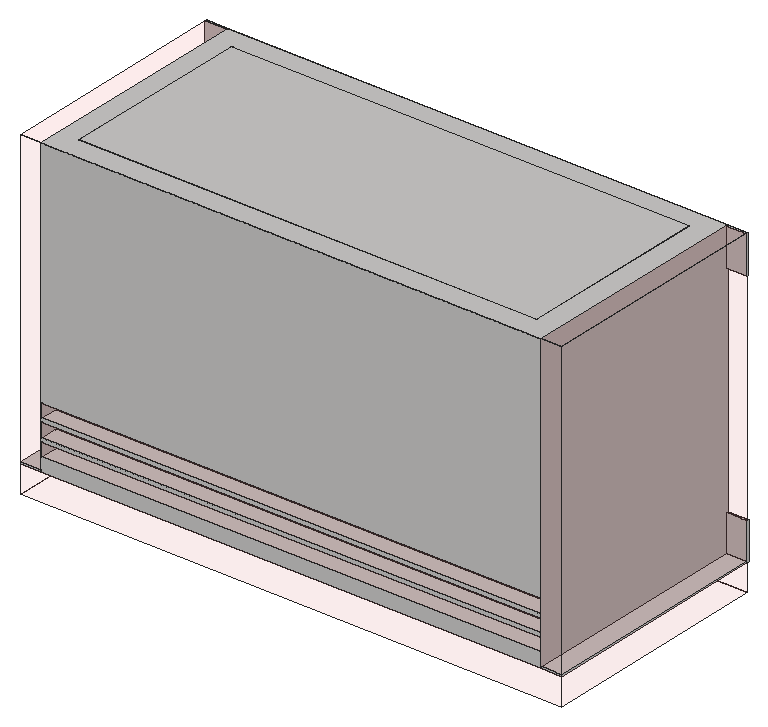
Revit family "Air-Curtain_Industrial_PoweredAire_Unheated", category Mechanical Equipment, host Face, Revit 2019
Family settings
  Host = Face
  Round Connector Dimension = Use Diameter
  Part Type = Normal
  OmniClass Number = 23.75.35.17.21
  OmniClass Title = Air Curtains
  Cut with Voids When Loaded = No
  Shared = No
  Room Calculation Point = No
Parameters
  topbrackets [instance] = and(Unit Height = 1' 4 3/4", Unit Depth = 1' 9 1/4")  # yes
  Warranty Duration (Years) = 0
  Unit Width Notes = "Other Widths available."  # constant formula
  Unit Width = 3' - 3"
  Unit Weight = 0
  Unit Height = 1' - 4 3/4"
  Unit Depth = 1' - 9 1/4"
  URL = "http://www.poweredaire.com/"
  Test Data = ""
  Standards Conformance = "as Specified"
  Specification = "http://www.arcat.com/sdspecs/htm04/23_34_33pai.htm"
  SpecWizard = ""
  Sound Pressure = "as Specified"
  Sales Information = "http://www.poweredaire.com/contact_us"
  Revision = "R1_2016-08"
  Projection from Host [instance] = 0' - 2"
  Product Properties = ""
  Product Data = "http://www.arcat.com/arcatcos/cos47/arc47623.html"
  Power Rating = 0 W
  Nozzle Width = if(1 = 1, Unit Width - 0' 3", 0' 0")  # 3' - 0"
  Mounting Width = if(1 = 1, Unit Width - 0' 1 1/2", 0' 0")  # 3' - 1 1/2"
  Mounting Height [instance] = 3' - 6"
  Motor RPM = 0
  Motor HP = 0
  Motor Count = 0
  Model = "As Specified"
  Max Height = 0' - 0"
  Manufacturer Website = "http://www.poweredaire.com/"
  Manufacturer Phone - Toll Free = "888-321-2473"
  Manufacturer Phone = "724-588-3305"
  Manufacturer Fax = "724-588-3371"
  Manufacturer Address = "109 Mortensen Rd.  Greenville, PA 16125"
  Manufacturer = "Powered Aire, Inc"
  Maintenance Schedule (Months) = 0
  Keynote = "23 34 33"
  Installation-Fabrication = ""
  Installation Phase = ""
  Include Clearance [instance] = yes
  Heating Element Load = 0 W
  HVAC_Temperature Rise = 0 °F
  HVAC_Outlet Volume = 0 CFM
  HVAC_Outlet Velocity Uniformity = 0
  HVAC_Outlet Velocity = 0 FPM
  Green Building-LEED = "http://www.arcat.com/green/clients/leed_data_47623.html"
  Front Grating Material [instance] = Metal - Steel - PoweredAire - Stainless 304 Perforated
  Frame Finish [instance] = Metal - Steel - PoweredAire - Stainless 304
  Expected Lifespan (Years) = 0
  Electrical_Wattage [instance] = Power Rating + Heating Element Load  # 0 W
  Electrical_Voltage [instance] = 0 V
  Electrical_Phase [instance] = 1
  Electrical_Frequency [instance] = 0 Hz
  Electrical_Amperage [instance] = 0 A
  Drawn By = "Sumex Design, Inc. / Robert S. Weygant, CSI, CDT, SCIP"
  Description = "Powered Aire Air Curtain as Specified"
  Default Elevation = 0' - 0"  # constant formula
  Copyright = "©Arcat Inc."
  Construction Details = "http://www.arcat.com/details/powair/prod3336.html"
  Clearance_Top [instance] = 0' - 0"
  Clearance_Side B [instance] = 0' - 0"
  Clearance_Side A [instance] = 0' - 0"
  Clearance_Intake [instance] = 0' - 0"
  Clearance_Bottom [instance] = 0' - 0"
  Clearance Material [instance] = ARCAT Clearance
  Building Codes = ""
  Available Options [instance] = "as Specified"
  Assembly Code = "D3090400"
Reference planes (in)
  plane 1 "Center (Elevation)": y = 8.51318
  plane 2: z = 0
  plane 3 "Center (Left/Right)": x = 0
  plane 4: y = 16.88818
  plane 5 "BoC": y = 0.13818
  plane 6: x = -19.5
  plane 7: x = 19.5
  plane 8: z = 23.25
  plane 9 "FF": y = -41.86182
  plane 10: z = 2
  plane 11: x = 18
  plane 12: x = -18
  plane 13: y = 16.88818
  plane 14: y = 0.13818
  plane 15: x = -19.5
  plane 16: x = 19.5
  plane 17: z = 23.25
  plane 18: y = 0.13818
  plane 19: x = 17.9375
  plane 20: x = -17.9375
Forms (in)
  Extrusion 1, solid, material "ARCAT Clearance" <- "Clearance Material", visible <- "Include Clearance"
    sketch origin (0, 0, 0) x (0, 1, 0) y (0, 0, 1)
      loop
        line (0.13818, 23.25) -> (0.13818, 0) -> (16.88818, 0) -> (16.88818, 23.25) -> (0.13818, 23.25)
    from -19.5 to 19.5
  Extrusion 2, solid, material "Metal - Steel - PoweredAire - Stainless 304" <- "Frame Finish"
    sketch origin (0, 8.51318, 0) x (1, 0, 0) y (0, 0, 1)
      loop
        line (18, 23.25) -> (-18, 23.25) -> (-18, 2) -> (18, 2) -> (18, 23.25)
    from -8.375 to 8.375
  Extrusion 3, void
    sketch origin (0, 0, 0) x (0, 1, 0) y (0, 0, 1)
      loop
        line (0.13818, 4) -> (0.13818, 3) -> (1.63818, 3) -> (1.63818, 6.5) -> (0.13818, 6.5) -> (0.13818, 5.5) -> (1.38818, 5.5) -> (1.38818, 5.25) -> (0.13818, 5.25) -> (0.13818, 4.25) -> (1.38818, 4.25) -> (1.38818, 4) -> (0.13818, 4)
    from -17.9375 to 17.9375
  Extrusion 4, solid, material "Metal - Steel - PoweredAire - Stainless 304" <- "Frame Finish"
    sketch origin (-15.17702, -180, 2) x (-1, 0, 0) y (0, -1, 0)
      loop
        line (-33.17702, -196.88818) -> (-33.17702, -180.13818) -> (-34.67702, -180.13818) -> (-34.67702, -196.88818) -> (-33.17702, -196.88818)
      loop
        line (2.82298, -196.88818) -> (4.32298, -196.88818) -> (4.32298, -180.13818) -> (2.82298, -180.13818) -> (2.82298, -196.88818)
    from 0 to 0.125
  Extrusion 5, solid, material "Metal - Steel - PoweredAire - Stainless 304" <- "Frame Finish", visible <- "topbrackets"
    sketch origin (-11.83813, 16.88818, 48) x (-1, 0, 0) y (0, 0, 1)
      loop
        line (7.66187, -46) -> (7.66187, -43.25) -> (6.16187, -43.25) -> (6.16187, -46) -> (7.66187, -46)
      loop
        line (-31.33813, -46) -> (-29.83813, -46) -> (-29.83813, -43.25) -> (-31.33813, -43.25) -> (-31.33813, -46)
      loop
        line (7.66187, -27.5) -> (7.66187, -24.75) -> (6.16187, -24.75) -> (6.16187, -27.5) -> (7.66187, -27.5)
      loop
        line (-31.33813, -27.5) -> (-29.83813, -27.5) -> (-29.83813, -24.75) -> (-31.33813, -24.75) -> (-31.33813, -27.5)
    from 0 to -0.125
  Extrusion 6, solid, material "Metal - Steel - PoweredAire - Stainless 304 Perforated" <- "Front Grating Material"
    sketch origin (18, 8.51318, 23.25) x (-1, 0, 0) y (0, -1, 0)
      loop
        line (1.5, -6.875) -> (34.5, -6.875) -> (34.5, 6.875) -> (1.5, 6.875) -> (1.5, -6.875)
    from 0 to 0.03125
Cuts and joins
  Extrusion 3 cuts Extrusion 2
Dimensions and locks (in)
  equal spacing: plane 4, plane 1 "Center (Elevation)", plane 5 "BoC"
  "Unit Height": plane 4 to plane 5 "BoC"
  equal spacing: plane 6, plane 3 "Center (Left/Right)", plane 7
  "Unit Width": plane 6 to plane 7
  "Mounting Height": plane 5 "BoC" to plane 9 "FF"
  "Projection from Host": plane 10 to level
  "Unit Depth": plane 8 to plane 10
  locked: plane 6 to plane 12 at 1.5
  locked: plane 11 to plane 7 at 1.5
  "Clearance_Side A": plane 7 to plane 16
  "Clearance_Side B": plane 15 to plane 6
  "Clearance_Top": plane 13 to plane 4
  "Clearance_Bottom": plane 5 "BoC" to plane 14
  "Clearance_Intake": plane 17 to plane 8
  locked: plane 7 to Extrusion 2 sketch curve at 1.5
  locked: Extrusion 2 sketch curve to plane 6 at 1.5
  locked: plane 18 to plane 5 "BoC" at 0
  Extrusion 5 sketch curve to Extrusion 5 sketch curve to plane 10 = 0' - 2 3/4" locked, 0' - 0" locked  (x2)
  locked: plane 12 to Extrusion 6 sketch curve at 1.5
  locked: Extrusion 6 sketch curve to plane 11 at 1.5
  locked: Extrusion 6 sketch curve to plane 5 "BoC" at 1.5
  locked: plane 20 to plane 12 at 0.0625
  locked: plane 11 to plane 19 at 0.0625
  Extrusion 3 sketch curve to Extrusion 3 sketch curve to Extrusion 3 sketch curve to Extrusion 3 sketch curve to Extrusion 3 sketch curve to Extrusion 3 sketch curve to plane 10 = 0' - 1" locked, 0' - 0 1/4" locked, 0' - 1" locked, 0' - 0 1/4" locked, 0' - 1" locked, 0' - 1" locked
  locked: plane 4 to Extrusion 6 sketch curve at 1.5
  locked: Extrusion 5 sketch curve to Extrusion 5 sketch curve at 2.75  (x2)
  aligned and locked: plane 2 to host face
  aligned and locked: level to host face
  aligned and locked: Extrusion 1 sketch curve to plane 17
  aligned and locked: plane 14 to Extrusion 1 sketch curve
  aligned and locked: level to Extrusion 1 sketch curve
  aligned and locked: Extrusion 1 sketch curve to plane 13
  aligned and locked: plane 16 to Extrusion 1
  aligned and locked: Extrusion 1 to plane 15
  aligned and locked: Extrusion 2 to plane 4
  aligned and locked: Extrusion 2 to plane 18
  aligned and locked: Extrusion 4 sketch curve to plane 4  (x2)
  aligned and locked: Extrusion 2 sketch curve to plane 10
  aligned and locked: Extrusion 3 to plane 20
  aligned and locked: plane 19 to Extrusion 3
  aligned and locked: Extrusion 2 sketch curve to plane 8
  aligned and locked: Extrusion 5 sketch curve to plane 8  (x2)
  aligned and locked: plane 18 to Extrusion 4 sketch curve  (x2)
Automatic sketch dimensions
  host sketch curve to host sketch curve = 8' - 0"  (x2)
  Extrusion 4 sketch curve to plane 7 = 0' - 0"
  Extrusion 4 sketch curve to plane 11 = 0' - 0"
  Extrusion 4 sketch curve to plane 12 = 0' - 0"
  Extrusion 4 sketch curve to plane 6 = 0' - 0"
  Extrusion 3 sketch curve to plane 5 "BoC" = 0' - 0"  (x3)
  plane 18 to Extrusion 3 sketch curve = 0' - 1 1/4"
  Extrusion 3 sketch curve to Extrusion 3 sketch curve = 0' - 0"
  Extrusion 3 sketch curve to Extrusion 3 sketch curve = 0' - 0 1/4"
  Extrusion 5 sketch curve to plane 7 = 0' - 0"  (x2)
  Extrusion 5 sketch curve to plane 11 = 0' - 0"  (x2)
  Extrusion 5 sketch curve to plane 12 = 0' - 0"  (x2)
  Extrusion 5 sketch curve to plane 6 = 0' - 0"  (x2)
Connectors (in)
  electrical at (-18, 8.51318, 12.625), driven by "Electrical_Voltage", driven by "Electrical_Phase"
    settings: on cut or joined group of Extrusion 2, Extrusion 3, index 1, voltage 0 V, apparent load 0 VA, apparent load phase1 0 VA, apparent load phase2 0 VA, apparent load phase3 0 VA, power factor 1, load classification "Other", number of poles 1, system type 31, power factor state 1, is connector primary yes, connector utility no, sub classification motor no, connector description ""
